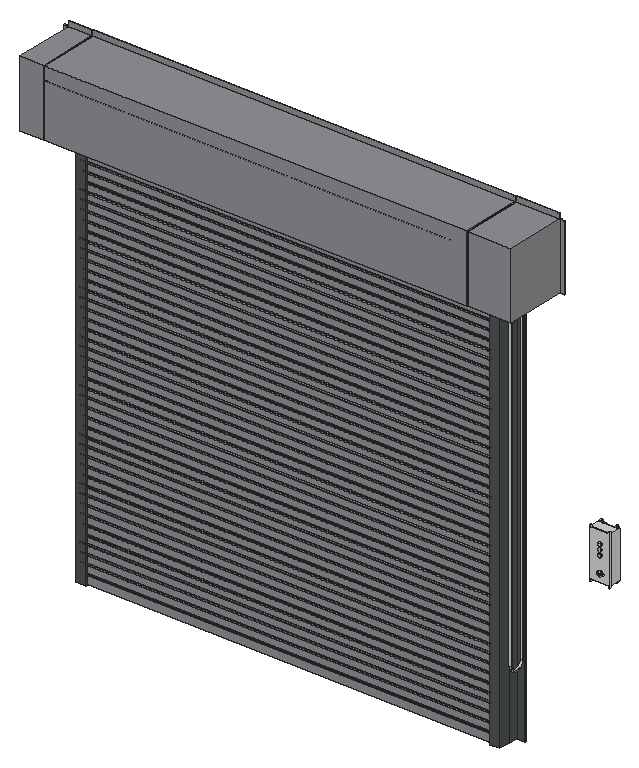
Revit family "Doors_Industrial_Overhead-Door-Corporation_EverServe-HD-Rolling-Steel-Service-Doors-625S_", category Specialty Equipment, host Wall, Revit 2019 (continued)
Definition of nested family "625S"
  Lines and regions (in)
    reference lines
      curve 5: line (0, -2.86663, 6.154) -> (0, 7.73337, 6.154)
      curve 6: line (0, -2.86663, 0.894) -> (0, 7.73337, 0.894)
      curve 7: line (0, -2.86663, 3.524) -> (0, 7.73337, 3.524)
  Dimensions and locks (in)
    equal spacing: plane 4, plane 3 "Center (Left/Right)", plane 5
    "Opening Width": plane 4 to plane 5
    "Slat Width": plane 1 "Center (Front/Back)" to plane 6
    equal spacing: plane 1 "Center (Front/Back)", plane 8, plane 6
    "Cutout Width Offset": plane 4 to plane 9
    "Cutout Width Offset": plane 5 to plane 10
    "Void Height": Extrusion 2 sketch curve to Extrusion 2 sketch curve  (x5)
    "Cutout Thickness": Extrusion 2 sketch curve to Extrusion 2 sketch curve
    "Void Offset": plane 11 to Extrusion 2 sketch curve
    locked: curve 1 to level at 12.78
    "Slat Position": curve 6 to curve 2
    equal spacing: Extrusion 2 sketch curve, curve 3, Extrusion 2 sketch curve
    equal spacing: Extrusion 2 sketch curve, curve 4, Extrusion 2 sketch curve
    equal spacing: Extrusion 2 sketch curve, curve 6, Extrusion 2 sketch curve
    equal spacing: Extrusion 2 sketch curve, curve 5, Extrusion 2 sketch curve
    equal spacing: curve 6, curve 7, curve 5, curve 4, curve 3, curve 2
    equal spacing: Extrusion 2 sketch curve, curve 7, Extrusion 2 sketch curve
    "Cutout Vertical Offset": curve 6 to plane 2
    "Cutout Center Offset": plane 8 to plane 11
    aligned and locked: plane 2 to level
    aligned and locked: plane 1 "Center (Front/Back)" to plane 7
    aligned and locked: plane 5 to Extrusion 1
    aligned and locked: plane 4 to Extrusion 1
    aligned and locked: plane 3 "Center (Left/Right)" to nested 1
    aligned and locked: Extrusion 2 sketch curve to Extrusion 2 sketch curve  (x8)
    aligned and locked: plane 9 to Extrusion 2
    aligned and locked: plane 10 to Extrusion 2
    aligned and locked: plane 3 "Center (Left/Right)" to nested 2
    aligned and locked: plane 3 "Center (Left/Right)" to nested 3
    aligned and locked: plane 3 "Center (Left/Right)" to nested 4
    aligned and locked: plane 3 "Center (Left/Right)" to nested 5
    aligned and locked: plane 5 to Extrusion 3
    aligned and locked: plane 4 to Extrusion 3
    aligned and locked: nested 1 to plane 11
    aligned and locked: nested 2 to plane 11
    aligned and locked: nested 3 to plane 11
    aligned and locked: nested 4 to plane 11
    aligned and locked: nested 5 to plane 11
  Automatic sketch dimensions
    curve 1 to Extrusion 1 sketch curve = 4.98186"  (x2)
    Extrusion 1 sketch curve to Extrusion 1 sketch curve = 0"  (x4)
    curve 1 to Extrusion 1 sketch curve = 0.02051"
    curve 1 to Extrusion 1 sketch curve = 2.64604"
    Extrusion 1 sketch curve to Extrusion 1 sketch curve = 0.06154"  (x4)
    curve 1 to Extrusion 1 sketch curve = 0.03317"
    Extrusion 1 sketch curve to Extrusion 1 sketch curve = 0.06197"
    curve 1 to Extrusion 1 sketch curve = 0.12438"
    Extrusion 1 sketch curve to Extrusion 1 sketch curve = 0.02153"
    Extrusion 1 sketch curve to Extrusion 1 sketch curve = 0.02196"  (x4)
    curve 1 to Extrusion 1 sketch curve = 2.74991"
    Extrusion 1 sketch curve to curve 1 = 0.39136"
    Extrusion 1 sketch curve to Extrusion 1 sketch curve = 0.0841"
    Extrusion 1 sketch curve to Extrusion 1 sketch curve = 0.02327"  (x4)
    Extrusion 1 sketch curve to Extrusion 1 sketch curve = 3/128"  (x2)
    Extrusion 1 sketch curve to Extrusion 1 sketch curve = 0.02374"  (x2)
    Extrusion 1 sketch curve to Extrusion 1 sketch curve = 0.00178"
    curve 1 to Extrusion 1 sketch curve = 0.06028"
    curve 1 to Extrusion 1 sketch curve = 2.68458"
    Extrusion 1 sketch curve to Extrusion 1 sketch curve = 0.00478"  (x2)
    Extrusion 1 sketch curve to Extrusion 1 sketch curve = 0.00479"  (x2)
    Extrusion 1 sketch curve to Extrusion 1 sketch curve = 0.01188"  (x4)
    curve 1 to Extrusion 1 sketch curve = 2.48793"
    Extrusion 1 sketch curve to Extrusion 1 sketch curve = 0.01156"
    Extrusion 1 sketch curve to Extrusion 1 sketch curve = 0.01822"
    Extrusion 1 sketch curve to curve 1 = 0.2281"
    Extrusion 1 sketch curve to Extrusion 1 sketch curve = 0.03122"
    curve 1 to Extrusion 1 sketch curve = 2.39704"
    Extrusion 1 sketch curve to Extrusion 1 sketch curve = 0.01856"  (x2)
    Extrusion 1 sketch curve to Extrusion 1 sketch curve = 0.00034"  (x6)
    Extrusion 1 sketch curve to Extrusion 1 sketch curve = 0.0185"  (x2)
    Extrusion 1 sketch curve to Extrusion 1 sketch curve = 0.18279"  (x3)
    Extrusion 1 sketch curve to Extrusion 1 sketch curve = 0.18305"  (x3)
    Extrusion 1 sketch curve to Extrusion 1 sketch curve = 0.41746"  (x2)
    Extrusion 1 sketch curve to Extrusion 1 sketch curve = 0.392"
    Extrusion 1 sketch curve to Extrusion 1 sketch curve = 0.41747"  (x2)
    curve 1 to Extrusion 1 sketch curve = 2.67875"
    Extrusion 1 sketch curve to Extrusion 1 sketch curve = 0.02395"  (x5)
    curve 1 to Extrusion 1 sketch curve = 2.62435"
    Extrusion 1 sketch curve to Extrusion 1 sketch curve = 0.03031"  (x4)
    curve 1 to Extrusion 1 sketch curve = 0.14423"
    Extrusion 1 sketch curve to Extrusion 1 sketch curve = 0.45387"
    Extrusion 1 sketch curve to Extrusion 1 sketch curve = 0.00007"  (x5)
    Extrusion 1 sketch curve to Extrusion 1 sketch curve = 0.00899"  (x5)
    Extrusion 1 sketch curve to Extrusion 1 sketch curve = 0.00552"  (x5)
    Extrusion 1 sketch curve to Extrusion 1 sketch curve = 0.04341"  (x3)
    Extrusion 1 sketch curve to Extrusion 1 sketch curve = 0.01303"  (x2)
    curve 1 to Extrusion 1 sketch curve = 2.71019"
    Extrusion 1 sketch curve to Extrusion 1 sketch curve = 5/256"  (x2)
    Extrusion 1 sketch curve to Extrusion 1 sketch curve = 0.02448"  (x3)
    Extrusion 1 sketch curve to Extrusion 1 sketch curve = 0.06"  (x5)
    Extrusion 1 sketch curve to Extrusion 1 sketch curve = 0.01261"  (x2)
    Extrusion 1 sketch curve to Extrusion 1 sketch curve = 2.10108"  (x4)
    Extrusion 1 sketch curve to Extrusion 1 sketch curve = 0.11957"  (x2)
    Extrusion 1 sketch curve to Extrusion 1 sketch curve = 0.09059"  (x2)
    Extrusion 1 sketch curve to Extrusion 1 sketch curve = 0.05819"  (x4)
    Extrusion 1 sketch curve to Extrusion 1 sketch curve = 1/128"  (x4)
    Extrusion 1 sketch curve to Extrusion 1 sketch curve = 0.09983"  (x2)
    Extrusion 1 sketch curve to Extrusion 1 sketch curve = 0.01046"  (x2)
    Extrusion 1 sketch curve to Extrusion 1 sketch curve = 0.00686"  (x2)
    Extrusion 1 sketch curve to Extrusion 1 sketch curve = 0.03144"  (x3)
    Extrusion 1 sketch curve to Extrusion 1 sketch curve = 0.01995"  (x3)
    Extrusion 1 sketch curve to Extrusion 1 sketch curve = 0.11917"  (x3)
    Extrusion 1 sketch curve to Extrusion 1 sketch curve = 0.09089"
    Extrusion 1 sketch curve to Extrusion 1 sketch curve = 0.09993"
    Extrusion 1 sketch curve to Extrusion 1 sketch curve = 0.01049"
    Extrusion 1 sketch curve to Extrusion 1 sketch curve = 0.00683"
    Extrusion 1 sketch curve to Extrusion 1 sketch curve = 0.07903"
    Extrusion 1 sketch curve to Extrusion 1 sketch curve = 0.01186"
    Extrusion 1 sketch curve to Extrusion 1 sketch curve = 0.05829"
    Extrusion 1 sketch curve to Extrusion 1 sketch curve = 0.05892"
    Extrusion 1 sketch curve to Extrusion 1 sketch curve = 0.00247"
    curve 1 to Extrusion 1 sketch curve = 4.8597"
    Extrusion 1 sketch curve to Extrusion 1 sketch curve = 0.0313"  (x2)
    Extrusion 1 sketch curve to Extrusion 1 sketch curve = 0.03156"
    curve 1 to Extrusion 1 sketch curve = 2.23417"
    Extrusion 1 sketch curve to Extrusion 1 sketch curve = 0.0005"
    plane 1 "Center (Front/Back)" to curve 1 = 4.98186"
    plane 1 "Center (Front/Back)" to curve 7 = 2.86663"
    curve 1 to curve 2 = 2.11523"
    curve 5 to curve 7 = 0"
    curve 3 to curve 2 = 0"  (x2)
    curve 6 to curve 7 = 0"
    curve 4 to curve 3 = 0"
    curve 2 to plane 6 = 7.10337"
    curve 5 to plane 6 = 7.10337"
    curve 4 to curve 5 = 0"
    curve 6 to curve 5 = 0"
    curve 7 to curve 5 = 0"
    curve 2 to curve 1 = 2.35433"
    curve 1 to Extrusion 3 sketch curve = 4.90531"  (x4)
    Extrusion 3 sketch curve to Extrusion 3 sketch curve = 0"  (x2)
    Extrusion 3 sketch curve to Extrusion 3 sketch curve = 0.13162"
    Extrusion 3 sketch curve to Extrusion 3 sketch curve = 0.14017"  (x2)
    Extrusion 3 sketch curve to Extrusion 3 sketch curve = 0.14019"  (x2)
    curve 1 to Extrusion 3 sketch curve = 5.27225"
    Extrusion 3 sketch curve to Extrusion 3 sketch curve = 0.14046"
    Extrusion 3 sketch curve to Extrusion 3 sketch curve = 0.02019"
    Extrusion 3 sketch curve to Extrusion 3 sketch curve = 0.02119"  (x2)
    Extrusion 3 sketch curve to Extrusion 3 sketch curve = 0.02122"  (x2)
    curve 1 to Extrusion 3 sketch curve = 4.85781"
    Extrusion 3 sketch curve to Extrusion 3 sketch curve = 0.02405"  (x2)
    curve 1 to Extrusion 3 sketch curve = 5.15896"
    Extrusion 3 sketch curve to Extrusion 3 sketch curve = 0.02439"  (x2)
    Extrusion 3 sketch curve to Extrusion 3 sketch curve = 0.03484"
    Extrusion 3 sketch curve to Extrusion 3 sketch curve = 0.04439"
    Extrusion 3 sketch curve to Extrusion 3 sketch curve = 0.01179"  (x2)
    Extrusion 3 sketch curve to Extrusion 3 sketch curve = 0.036"  (x2)
    curve 1 to Extrusion 3 sketch curve = 2.68272"
    Extrusion 3 sketch curve to Extrusion 3 sketch curve = 0.03599"  (x2)
    Extrusion 3 sketch curve to Extrusion 3 sketch curve = 0.01175"  (x2)
    curve 1 to Extrusion 3 sketch curve = 5.10073"
    Extrusion 3 sketch curve to Extrusion 3 sketch curve = 0.0156"
    Extrusion 3 sketch curve to Extrusion 3 sketch curve = 0.03122"
    Extrusion 3 sketch curve to Extrusion 3 sketch curve = 0.01594"  (x2)
    Extrusion 3 sketch curve to Extrusion 3 sketch curve = 0.00034"  (x2)
    curve 1 to Extrusion 3 sketch curve = 5.02297"
    Extrusion 3 sketch curve to Extrusion 3 sketch curve = 0.01588"  (x2)
    Extrusion 3 sketch curve to Extrusion 3 sketch curve = 0.18279"  (x3)
    Extrusion 3 sketch curve to Extrusion 3 sketch curve = 0.21361"  (x2)
    Extrusion 3 sketch curve to Extrusion 3 sketch curve = 0.18305"
    curve 1 to Extrusion 3 sketch curve = 5.31024"
    Extrusion 3 sketch curve to Extrusion 3 sketch curve = 0.46983"  (x2)
    Extrusion 3 sketch curve to Extrusion 3 sketch curve = 0.27102"
    curve 1 to Extrusion 3 sketch curve = 2.68471"
    Extrusion 3 sketch curve to Extrusion 3 sketch curve = 0.46985"  (x2)
    Extrusion 3 sketch curve to Extrusion 3 sketch curve = 0.00499"  (x5)
    curve 1 to Extrusion 3 sketch curve = 5.24989"
    Extrusion 3 sketch curve to Extrusion 3 sketch curve = 0.00899"  (x5)
    Extrusion 3 sketch curve to Extrusion 3 sketch curve = 0.02398"  (x3)
    Extrusion 3 sketch curve to Extrusion 3 sketch curve = 0.49469"
    Extrusion 3 sketch curve to Extrusion 3 sketch curve = 0.01"  (x5)
    Extrusion 3 sketch curve to Extrusion 3 sketch curve = 0.08"  (x3)
    Extrusion 3 sketch curve to Extrusion 3 sketch curve = 0.00422"
    Extrusion 3 sketch curve to Extrusion 3 sketch curve = 0.02842"  (x3)
    curve 1 to Extrusion 3 sketch curve = 2.71041"
    curve 1 to Extrusion 3 sketch curve = 5 43/128"
    Extrusion 3 sketch curve to Extrusion 3 sketch curve = 0.315"  (x3)
    Extrusion 3 sketch curve to Extrusion 3 sketch curve = 0.02"
    Extrusion 3 sketch curve to Extrusion 3 sketch curve = 0.06"
    Extrusion 3 sketch curve to Extrusion 3 sketch curve = 1.67559"
    Extrusion 3 sketch curve to Extrusion 3 sketch curve = 0.39195"  (x2)
    Extrusion 3 sketch curve to Extrusion 3 sketch curve = 0.04559"  (x2)
    Extrusion 3 sketch curve to Extrusion 3 sketch curve = 0.07806"  (x3)
    Extrusion 3 sketch curve to Extrusion 3 sketch curve = 0.05822"
    Extrusion 3 sketch curve to Extrusion 3 sketch curve = 0.11273"
    Extrusion 3 sketch curve to Extrusion 3 sketch curve = 0.11341"
    Extrusion 3 sketch curve to Extrusion 3 sketch curve = 1.78314"
    Extrusion 3 sketch curve to Extrusion 3 sketch curve = 0.07776"
    Extrusion 3 sketch curve to Extrusion 3 sketch curve = 0.05823"
    Extrusion 3 sketch curve to Extrusion 3 sketch curve = 0.11262"
    Extrusion 3 sketch curve to Extrusion 3 sketch curve = 29/256"
    Extrusion 3 sketch curve to Extrusion 3 sketch curve = 1.78316"
    Extrusion 3 sketch curve to Extrusion 3 sketch curve = 0.43753"
    Extrusion 3 sketch curve to Extrusion 3 sketch curve = 0.11917"  (x2)
    Extrusion 3 sketch curve to Extrusion 3 sketch curve = 0.00097"
    Extrusion 3 sketch curve to Extrusion 3 sketch curve = 0.04797"
    Extrusion 3 sketch curve to Extrusion 3 sketch curve = 0.00067"
    curve 1 to Extrusion 3 sketch curve = 4.46587"
    Extrusion 3 sketch curve to Extrusion 3 sketch curve = 0.00068"
    Extrusion 3 sketch curve to Extrusion 3 sketch curve = 0.01597"
    Extrusion 3 sketch curve to Extrusion 3 sketch curve = 0.43571"
    Extrusion 3 sketch curve to Extrusion 3 sketch curve = 1.67742"
    Extrusion 3 sketch curve to Extrusion 3 sketch curve = 0.00314"
    Extrusion 3 sketch curve to Extrusion 3 sketch curve = 0.25175"
    Extrusion 3 sketch curve to Extrusion 3 sketch curve = 0.11957"
    Extrusion 3 sketch curve to Extrusion 3 sketch curve = 0.06154"
    Extrusion 3 sketch curve to Extrusion 3 sketch curve = 0.00247"
    Extrusion 3 sketch curve to Extrusion 3 sketch curve = 0.0313"
    Extrusion 3 sketch curve to Extrusion 3 sketch curve = 0.0005"
  Nested families (in)
    nested 1: "Perforation" at (0, 0.6, 0.894), visible <- "Integrated Cutout", type "Perforation"
      with Offset 0.06"
    nested 2: "Perforation" at (0, 0.6, 3.524), visible <- "Integrated Cutout", type "Perforation"
      with Offset 0.06"
    nested 3: "Perforation" at (0, 0.6, 6.154), visible <- "Integrated Cutout", type "Perforation"
      with Offset 0.06"
    nested 4: "Perforation" at (0, 0.6, 8.784), visible <- "Integrated Cutout", type "Perforation"
      with Offset 0.06"
    nested 5: "Perforation" at (0, 0.6, 11.414), visible <- "Integrated Cutout", type "Perforation"
      with Offset 0.06"
  Definition of nested family "Perforation"
    Parameters (values of type "Perforation")
      Thickness = 0.06"
      Perforation = none
      Opening Width = 128"
      Offset = 1"
      Height = 1"
      Default Elevation = 48"
    Reference planes (in)
      plane 1 "Center (Front/Back)": y = 0
      plane 2: z = 0
      plane 3 "Center (Left/Right)": x = 0
      plane 4: z = 0.5
      plane 5: z = -0.5
      plane 6: y = -0.03
      plane 7: y = 0.03
      plane 8: x = -64
      plane 9: x = 64
      plane 10: x = -63
      plane 11: x = 63
    Forms (in)
      Extrusion 1, solid, material <- "Perforation"
        sketch origin (0, -0.19, 0) x (0, 1, 0) y (0, 0, 1)
          loop
            line (0.16, 0.5) -> (0.16, -0.5) -> (0.22, -0.5) -> (0.22, 0.5) -> (0.16, 0.5)
        from -63 to 63
    Dimensions and locks (in)
      equal spacing: plane 4, level, plane 5
      "Height": plane 4 to plane 5
      equal spacing: plane 6, plane 1 "Center (Front/Back)", plane 7
      "Thickness": plane 6 to plane 7
      "Opening Width": plane 8 to plane 9
      "Offset": plane 8 to plane 10
      "Offset": plane 9 to plane 11
      equal spacing: plane 8, plane 3 "Center (Left/Right)", plane 9
      aligned and locked: plane 2 to level
      aligned and locked: plane 4 to Extrusion 1
      aligned and locked: Extrusion 1 to plane 5
      aligned and locked: plane 6 to Extrusion 1
      aligned and locked: plane 7 to Extrusion 1
      aligned and locked: Extrusion 1 to plane 10
      aligned and locked: plane 11 to Extrusion 1
    Automatic sketch dimensions
      Extrusion 1 sketch curve to level = 1/2"
      plane 1 "Center (Front/Back)" to Extrusion 1 sketch curve = 0.03"
      Extrusion 1 sketch curve to plane 1 "Center (Front/Back)" = 0.03"
      plane 4 to Extrusion 1 sketch curve = 0"
Definition of nested family "Label Annotation 1"
  Parameters (values of type "Label Annotation 1-8")
    Label = "Area is too big. Please reduce Door Size."
  Reference planes (in)
    plane 1: y = 0
    plane 2: x = 0
  Text (in)
    label "Label" at (0.00375, -0.00345, 0), shows "Label"
Definition of nested family "Warning Sign"
  Parameters (values of type "Warning Sign")
    Warning Sign [instance] = no
    Default Elevation = 48"
  Reference planes (in)
    plane 1 "Center (Front/Back)": y = 0
    plane 2: z = 0
    plane 3 "Center (Left/Right)": x = 0
    plane 4: y = 0.5
    plane 5: y = -0.5
    plane 6: y = 1
    plane 7: y = 0.25
  Lines and regions (in)
    model lines
      curve 1: line (-2.26129, 1, 45.69444) -> (-26.3817, 1, 3.91667)
      curve 2: line (-25.25106, 1, 3.26389) -> (-1.13064, 1, 45.04167)
      curve 3: arc (2.26129, 1, 45.69444) -> (0, 1, 47) -> (-2.26129, 1, 45.69444) r 2.61111
      curve 4: arc (-1.13064, 1, 45.04167) -> (0, 1, 45.69444) -> (1.13064, 1, 45.04167) r 1.30556
      curve 5: line (1.13064, 1, 45.04167) -> (25.25106, 1, 3.26389)
      curve 6: line (26.3817, 1, 3.91667) -> (2.26129, 1, 45.69444)
      curve 7: arc (25.25106, 1, 3.26389) -> (25.25106, 1, 1.95833) -> (24.12041, 1, 1.30556) r 1.30556
      curve 8: arc (24.12041, 1, 0) -> (26.3817, 1, 1.30556) -> (26.3817, 1, 3.91667) r 2.61111
      curve 9: line (24.12041, 1, 1.30556) -> (-24.12041, 1, 1.30556)
      curve 10: line (-24.12041, 1, 0) -> (24.12041, 1, 0)
      curve 11: arc (-24.12041, 1, 1.30556) -> (-25.25106, 1, 1.95833) -> (-25.25106, 1, 3.26389) r 1.30556
      curve 12: arc (-26.3817, 1, 3.91667) -> (-26.3817, 1, 1.30556) -> (-24.12041, 1, 0) r 2.61111
      curve 13: arc (-2.29479, 1, 8.63537) -> (0, 1, 6.34057) -> (2.29479, 1, 8.63537) r 2.29479
      curve 14: arc (2.29479, 1, 8.63537) -> (0, 1, 10.93016) -> (-2.29479, 1, 8.63537) r 2.29479
      curve 15: arc (-1.6331, 1, 13.97069) -> (0.03439, 1, 12.53727) -> (1.69278, 1, 13.98121) r 1.68043
      curve 16: line (-3.77413, 1, 28.37873) -> (-1.6331, 1, 13.97069)
      curve 17: line (1.69278, 1, 13.98121) -> (3.73924, 1, 28.37873)
      curve 18: arc (3.73924, 1, 28.37873) -> (-0.01745, 1, 32.13541) -> (-3.77413, 1, 28.37873) r 3.75668
      curve 19: line (-2.26129, -0.5, 45.69444) -> (-26.3817, -0.5, 3.91667)
      curve 20: line (-25.25106, -0.5, 3.26389) -> (-1.13064, -0.5, 45.04167)
      curve 21: arc (2.26129, -0.5, 45.69444) -> (0, -0.5, 47) -> (-2.26129, -0.5, 45.69444) r 2.61111
      curve 22: arc (-1.13064, -0.5, 45.04167) -> (0, -0.5, 45.69444) -> (1.13064, -0.5, 45.04167) r 1.30556
      curve 23: line (1.13064, -0.5, 45.04167) -> (25.25106, -0.5, 3.26389)
      curve 24: line (26.3817, -0.5, 3.91667) -> (2.26129, -0.5, 45.69444)
      curve 25: arc (25.25106, -0.5, 3.26389) -> (25.25106, -0.5, 1.95833) -> (24.12041, -0.5, 1.30556) r 1.30556
      curve 26: arc (24.12041, -0.5, 0) -> (26.3817, -0.5, 1.30556) -> (26.3817, -0.5, 3.91667) r 2.61111
      curve 27: line (24.12041, -0.5, 1.30556) -> (-24.12041, -0.5, 1.30556)
      curve 28: line (-24.12041, -0.5, 0) -> (24.12041, -0.5, 0)
      curve 29: arc (-24.12041, -0.5, 1.30556) -> (-25.25106, -0.5, 1.95833) -> (-25.25106, -0.5, 3.26389) r 1.30556
      curve 30: arc (-26.3817, -0.5, 3.91667) -> (-26.3817, -0.5, 1.30556) -> (-24.12041, -0.5, 0) r 2.61111
      curve 31: arc (-2.29479, -0.5, 8.63537) -> (0, -0.5, 6.34057) -> (2.29479, -0.5, 8.63537) r 2.29479
      curve 32: arc (2.29479, -0.5, 8.63537) -> (0, -0.5, 10.93016) -> (-2.29479, -0.5, 8.63537) r 2.29479
      curve 33: arc (-1.6331, -0.5, 13.97069) -> (0.03439, -0.5, 12.53727) -> (1.69278, -0.5, 13.98121) r 1.68043
      curve 34: line (-3.77413, -0.5, 28.37873) -> (-1.6331, -0.5, 13.97069)
      curve 35: line (1.69278, -0.5, 13.98121) -> (3.73924, -0.5, 28.37873)
      curve 36: arc (3.73924, -0.5, 28.37873) -> (-0.01745, -0.5, 32.13541) -> (-3.77413, -0.5, 28.37873) r 3.75668
  Dimensions and locks (in)
    locked: plane 1 "Center (Front/Back)" to plane 4 at 0.5
    equal spacing: plane 1 "Center (Front/Back)", plane 7, plane 4
    locked: plane 4 to plane 6 at 0.5
    locked: plane 5 to plane 1 "Center (Front/Back)" at 0.5
    aligned and locked: plane 2 to level
  Automatic sketch dimensions
    curve 21 to curve 22 = 0"  (x2)
    curve 25 to curve 26 = 0"  (x2)
    curve 29 to curve 30 = 0"  (x2)
    curve 31 to curve 32 = 0"  (x2)
    curve 21 to plane 3 "Center (Left/Right)" = 0"
    curve 31 to plane 3 "Center (Left/Right)" = 0"
    curve 30 to level = 0"
    level to curve 27 = 1.30556"
    curve 26 to curve 27 = 1.30556"
    curve 29 to curve 27 = 1.30556"
    curve 23 to curve 25 = 0.65278"
    curve 20 to curve 29 = 0.65278"
    curve 24 to curve 23 = 0.65278"
    curve 19 to curve 20 = 0.65278"
    level to curve 32 = 8.63537"
    curve 34 to plane 3 "Center (Left/Right)" = 1.6331"
    curve 34 to curve 31 = 5.33532"
    plane 3 "Center (Left/Right)" to curve 35 = 1.69278"
    curve 35 to curve 34 = 0.01052"
    plane 3 "Center (Left/Right)" to curve 33 = 0.02908"
    curve 36 to plane 3 "Center (Left/Right)" = 0.01745"
    curve 36 to curve 33 = 14.16104"
    curve 22 to curve 36 = 16.01016"
    plane 3 "Center (Left/Right)" to curve 23 = 1.13064"
    curve 23 to curve 21 = 0.65278"
    curve 20 to plane 3 "Center (Left/Right)" = 1.13064"
    plane 3 "Center (Left/Right)" to curve 24 = 2.26129"
    curve 24 to curve 22 = 0.65278"
    curve 19 to plane 3 "Center (Left/Right)" = 2.26129"
    curve 34 to curve 36 = 3.75668"
    curve 30 to plane 3 "Center (Left/Right)" = 24.12041"
    plane 3 "Center (Left/Right)" to curve 25 = 24.12041"
    curve 31 to curve 31 = 2.29479"
    curve 3 to curve 4 = 0"  (x2)
    curve 7 to curve 8 = 0"  (x2)
    curve 11 to curve 12 = 0"  (x2)
    curve 13 to curve 14 = 0"  (x2)
    curve 3 to plane 3 "Center (Left/Right)" = 0"
    curve 13 to plane 3 "Center (Left/Right)" = 0"
    curve 12 to level = 0"
    level to curve 9 = 1.30556"
    curve 8 to curve 9 = 1.30556"
    curve 11 to curve 9 = 1.30556"
    curve 5 to curve 7 = 0.65278"
    curve 2 to curve 11 = 0.65278"
    curve 6 to curve 5 = 0.65278"
    curve 1 to curve 2 = 0.65278"
    level to curve 14 = 8.63537"
    curve 16 to plane 3 "Center (Left/Right)" = 1.6331"
    curve 16 to curve 13 = 5.33532"
    plane 3 "Center (Left/Right)" to curve 17 = 1.69278"
    curve 17 to curve 16 = 0.01052"
    plane 3 "Center (Left/Right)" to curve 15 = 0.02908"
    curve 18 to plane 3 "Center (Left/Right)" = 0.01745"
    curve 18 to curve 15 = 14.16104"
    curve 4 to curve 18 = 16.01016"
    plane 3 "Center (Left/Right)" to curve 5 = 1.13064"
    curve 5 to curve 3 = 0.65278"
    curve 2 to plane 3 "Center (Left/Right)" = 1.13064"
    plane 3 "Center (Left/Right)" to curve 6 = 2.26129"
    curve 6 to curve 4 = 0.65278"
    curve 1 to plane 3 "Center (Left/Right)" = 2.26129"
    curve 16 to curve 18 = 3.75668"
    curve 12 to plane 3 "Center (Left/Right)" = 24.12041"
    plane 3 "Center (Left/Right)" to curve 7 = 24.12041"
    curve 13 to curve 13 = 2.29479"
Types (6): name | Voltage | Number of Poles | Apparent Load Phase 3 | Apparent Load Phase 2 | Apparent Load Phase 1
  208 volts, one phase, 60 Hz (208-240V range) | 208 V | 1 | 0 VA | 0 VA | 4160 VA
  220 volts, one phase, 60 Hz (220-240V range) | 220 V | 1 | 0 VA | 0 VA | 4400 VA
  208 volts, three phase, 60 Hz (208-240V range) | 208 V | 3 | 2401.78 VA | 2401.78 VA | 2401.78 VA
  230 volts, three phase, 60 Hz (220-240V range) | 230 V | 3 | 2655.81 VA | 2655.81 VA | 2655.81 VA
  460 volts, three phase, 60 Hz (440-480 V range) | 460 V | 3 | 5311.62 VA | 5311.62 VA | 5311.62 VA
  575 volts, three phase, 60 Hz | 575 V | 3 | 6639.53 VA | 6639.53 VA | 6639.53 VA
